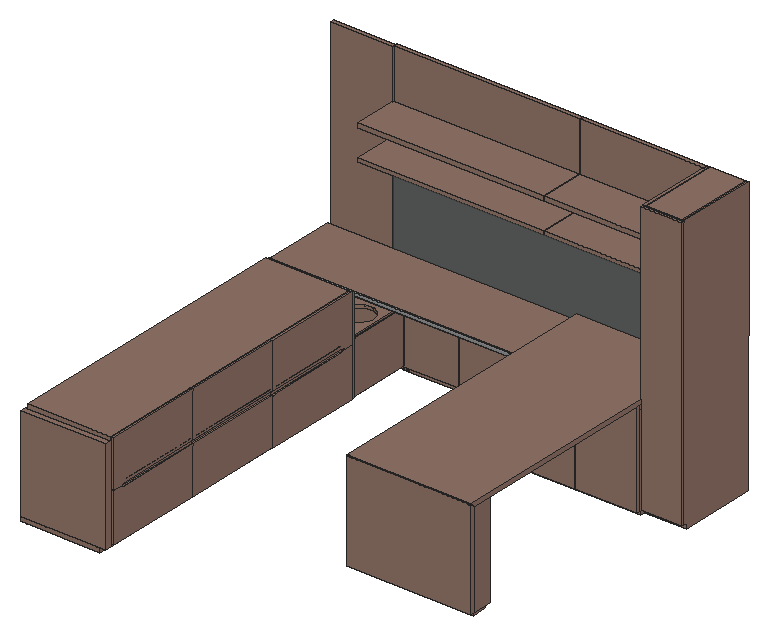
Revit family "T100042", category Furniture, Revit 2022 (continued)
Definition of nested family "OFS SLATE MODULAR ACCESS KNEESPACE SUPPORT CORNER CABINES Left"
  Automatic sketch dimensions
    Extrusion 10 sketch curve to plane 8 = 0.00"
    Extrusion 11 sketch curve to plane 8 = 0.00"
    Extrusion 11 sketch curve to plane 29 = 0.00"
    Extrusion 11 sketch curve to plane 30 = 0.00"
    Extrusion 11 sketch curve to plane 1 "Back" = 0.00"
    Extrusion 12 sketch curve to plane 23 = 0.00"
    Extrusion 12 sketch curve to plane 29 = 0.00"
    Extrusion 12 sketch curve to plane 31 = 0.00"
    Extrusion 12 sketch curve to plane 1 "Back" = 0.00"
    Extrusion 13 sketch curve to plane 17 = 0.00"
    Extrusion 13 sketch curve to plane 23 = 0.00"
    Extrusion 13 sketch curve to plane 30 = 0.00"
    Extrusion 13 sketch curve to plane 31 = 0.00"
    Extrusion 14 sketch curve to plane 5 "." = 0.00"
    Extrusion 14 sketch curve to plane 29 = 0.00"
    Extrusion 14 sketch curve to plane 3 "Left" = 0.00"
    Extrusion 14 sketch curve to plane 7 = 0.00"
    plane 7 to Extrusion 15 sketch curve = 0.00"
    Extrusion 15 sketch curve to plane 30 = 0.00"
    Extrusion 15 sketch curve to plane 3 "Left" = 0.00"
    plane 1 "Back" to Extrusion 15 sketch curve = 0.00"
    Extrusion 16 sketch curve to plane 31 = 0.00"
    Extrusion 16 sketch curve to plane 5 "." = 0.00"
    plane 29 to Extrusion 16 sketch curve = 3.25"
    Extrusion 16 sketch curve to Extrusion 16 sketch curve = 4.00"
    Extrusion 17 sketch curve to plane 31 = 0.00"
    Extrusion 17 sketch curve to plane 5 "." = 0.00"
    Extrusion 17 sketch curve to plane 30 = 8.00"
    Extrusion 17 sketch curve to plane 30 = 4.00"
    Extrusion 18 sketch curve to plane 29 = 0.00"
    plane 5 "." to Extrusion 18 sketch curve = 0.00"
    Extrusion 18 sketch curve to plane 30 = 0.00"
    plane 31 to Extrusion 18 sketch curve = 0.00"
    Extrusion 18 sketch curve to plane 30 = 5.125"
    plane 5 "." to Extrusion 18 sketch curve = 8.75036"
    Extrusion 19 sketch curve to plane 29 = 0.00"
    Extrusion 19 sketch curve to plane 30 = 0.00"
    Extrusion 19 sketch curve to plane 31 = 0.00"
    Extrusion 19 sketch curve to plane 8 = 0.00"
    Extrusion 20 sketch curve to plane 3 "Left" = 0.00"
    Extrusion 20 sketch curve to plane 11 = 0.00"
    Extrusion 20 sketch curve to plane 3 "Left" = 0.1079"
    Extrusion 20 sketch curve to Extrusion 20 sketch curve = 0.10032"
    Extrusion 20 sketch curve to Extrusion 20 sketch curve = 0.17678"
    Extrusion 20 sketch curve to plane 30 = 0.00"
    Extrusion 20 sketch curve to plane 14 = 8.05072"
    Extrusion 20 sketch curve to Extrusion 20 sketch curve = 0.18822"
    Extrusion 20 sketch curve to Extrusion 20 sketch curve = 0.1421"
    Extrusion 21 sketch curve to plane 3 "Left" = 0.00"
    Extrusion 21 sketch curve to plane 6 = 0.00"
    Extrusion 21 sketch curve to plane 11 = 0.00"
    Extrusion 21 sketch curve to plane 3 "Left" = 0.1079"
    Extrusion 21 sketch curve to Extrusion 21 sketch curve = 0.10032"
    Extrusion 21 sketch curve to plane 6 = 0.07322"
    Extrusion 21 sketch curve to Extrusion 21 sketch curve = 0.17678"
    Extrusion 21 sketch curve to plane 30 = 0.00"
    plane 13 to Extrusion 21 sketch curve = 0.31178"
    Extrusion 22 sketch curve to plane 3 "Left" = 0.00"
    Extrusion 22 sketch curve to plane 15 = 0.00"
    Extrusion 22 sketch curve to plane 11 = 0.00"
    Extrusion 22 sketch curve to plane 30 = 0.875"
    Revolve 23 sketch curve to plane 15 = 0.00"  (x2)
    Revolve 23 sketch curve to plane 24 = 0.00"  (x2)
    Revolve 23 sketch curve to level = 0.00"
    Revolve 23 sketch curve to plane 26 = 0.13"
    Revolve 23 sketch curve to plane 26 = 0.08633"
    level to Revolve 23 sketch curve = 0.13"
    plane 15 to Revolve 23 sketch curve = 0.34242"
    Revolve 24 sketch curve to plane 15 = 0.00"  (x2)
    Revolve 24 sketch curve to plane 18 = 0.00"  (x2)
    Revolve 24 sketch curve to level = 0.00"
    Revolve 24 sketch curve to plane 20 = 0.13"
    Revolve 24 sketch curve to plane 20 = 0.08633"
    level to Revolve 24 sketch curve = 0.13"
    plane 15 to Revolve 24 sketch curve = 0.34242"
    Revolve 25 sketch curve to plane 15 = 0.00"  (x2)
    Revolve 25 sketch curve to level = 0.00"
    Revolve 25 sketch curve to plane 30 = 1.70833"
    Revolve 25 sketch curve to Revolve 25 sketch curve = 0.245"
    Revolve 25 sketch curve to Revolve 25 sketch curve = 0.28867"
    level to Revolve 25 sketch curve = 0.13"
    Revolve 25 sketch curve to Revolve 25 sketch curve = 0.00"
    plane 15 to Revolve 25 sketch curve = 0.34242"
    Revolve 26 sketch curve to plane 15 = 0.00"  (x2)
    Revolve 26 sketch curve to level = 0.00"
    Revolve 26 sketch curve to plane 30 = 1.70833"
    Revolve 26 sketch curve to Revolve 26 sketch curve = 0.245"
    Revolve 26 sketch curve to Revolve 26 sketch curve = 0.28867"
    level to Revolve 26 sketch curve = 0.13"
    Revolve 26 sketch curve to Revolve 26 sketch curve = 0.00"
    plane 15 to Revolve 26 sketch curve = 0.34242"
    Revolve 27 sketch curve to plane 15 = 0.00"  (x2)
    Revolve 27 sketch curve to level = 0.00"
    plane 29 to Revolve 27 sketch curve = 0.72917"
    Revolve 27 sketch curve to Revolve 27 sketch curve = 0.245"
    Revolve 27 sketch curve to Revolve 27 sketch curve = 0.28867"
    level to Revolve 27 sketch curve = 0.13"
    Revolve 27 sketch curve to Revolve 27 sketch curve = 0.00"
    plane 15 to Revolve 27 sketch curve = 0.34242"
    Revolve 28 sketch curve to plane 15 = 0.00"  (x2)
    Revolve 28 sketch curve to level = 0.00"
    plane 29 to Revolve 28 sketch curve = 0.72917"
    Revolve 28 sketch curve to Revolve 28 sketch curve = 0.245"
    Revolve 28 sketch curve to Revolve 28 sketch curve = 0.28867"
    level to Revolve 28 sketch curve = 0.13"
    Revolve 28 sketch curve to Revolve 28 sketch curve = 0.00"
    plane 15 to Revolve 28 sketch curve = 0.34242"
    radius of Extrusion 7 sketch curve = 1.00"
    radius of Extrusion 18 sketch curve = 4.125"
Definition of nested family "OFS SLATE WALLMOUNT OPEN SHELF ORGANIZER 1.5H"
  Parameters (values of type "WALLMOUNT OPEN SHELF ORGANIZER 1.5H 30"")
    Width = 30.00"
    URL = "http://www.ofs.com/"
    Shelf Height = 9.00"
    Model = "CA-3025HWO"
    Manufacturer = "CAROLINA"
    Height From Floor = 65.25"
    Organizer Height = 15.50"
    Height = 24.50"
    Glides [instance] = none
    Front Panel Finish [instance] = none
    Description = "OFS SLATE OFS SLATE WALLMOUNT OPEN SHELF ORGANIZER 1.5 Height, 30\" Width, Two Cantilevered Fixed Shelves"
    Depth = 14.25"
    Default Elevation = 0.00"
    Copyright © = "©OFS 2019"
    Catalog = "https://ofs.com/products/tables/conference/slate"
    Chasis [instance] = none
    Bottom Board Thickness = 1.25"
    Board Thickness = 1.1875"
    Back Board Thickness = 1.1875"
    Authoring Version = "Autodesk Revit Architecture 2014"
    Assembly Code = "E2020200"
  Types (9): name | Width | Model | Description
    (no name) | 30.00" | "CA-3025HWO" | "OFS SLATE OFS SLATE WALLMOUNT OPEN SHELF ORGANIZER 1.5 Height, 30\" Width, Two Cantilevered Fixed Shelves"
    WALLMOUNT OPEN SHELF ORGANIZER 1.5H 30" | 30.00" | "CA-3025HWO" | "OFS SLATE OFS SLATE WALLMOUNT OPEN SHELF ORGANIZER 1.5 Height, 30\" Width, Two Cantilevered Fixed Shelves"
    WALLMOUNT OPEN SHELF ORGANIZER 1.5H 36" | 36.00" | "CA-3625HWO" | "OFS SLATE OFS SLATE WALLMOUNT OPEN SHELF ORGANIZER 1.5 Height, 36\" Width, Two Cantilevered Fixed Shelves"
    WALLMOUNT OPEN SHELF ORGANIZER 1.5H 42" | 42.00" | "CA-4225HWO" | "OFS SLATE OFS SLATE WALLMOUNT OPEN SHELF ORGANIZER 1.5 Height, 42\" Width, Two Cantilevered Fixed Shelves"
    WALLMOUNT OPEN SHELF ORGANIZER 1.5H 48" | 48.00" | "CA-4825HWO" | "OFS SLATE OFS SLATE WALLMOUNT OPEN SHELF ORGANIZER 1.5 Height, 48\" Width, Two Cantilevered Fixed Shelves"
    WALLMOUNT OPEN SHELF ORGANIZER 1.5H 54" | 54.00" | "CA-5425HWO" | "OFS SLATE OFS SLATE WALLMOUNT OPEN SHELF ORGANIZER 1.5 Height, 54\" Width, Two Cantilevered Fixed Shelves"
    WALLMOUNT OPEN SHELF ORGANIZER 1.5H 60" | 60.00" | "CA-6025HWO" | "OFS SLATE OFS SLATE WALLMOUNT OPEN SHELF ORGANIZER 1.5 Height, 60\" Width, Two Cantilevered Fixed Shelves"
    WALLMOUNT OPEN SHELF ORGANIZER 1.5H 66" | 66.00" | "CA-6625HWO" | "OFS SLATE OFS SLATE WALLMOUNT OPEN SHELF ORGANIZER 1.5 Height, 66\" Width, Two Cantilevered Fixed Shelves"
    WALLMOUNT OPEN SHELF ORGANIZER 1.5H 72" | 72.00" | "CA-7225HWO" | "OFS SLATE OFS SLATE WALLMOUNT OPEN SHELF ORGANIZER 1.5 Height, 72\" Width, Two Cantilevered Fixed Shelves"
  Reference planes (in)
    plane 1 "Center Front/Back": y = 4.875
    plane 2 "Bottom": z = 0
    plane 3 "Center Left/Right": x = 0
    plane 4 "Back": y = 12
    plane 5 "Front": y = -2.25
    plane 6 "Left": x = -15
    plane 7 "Right": x = 15
    plane 8: z = 80.75
    plane 9: z = 65.25
    plane 10: z = 66.5
    plane 11: y = 10.8125
    plane 12: z = 56.25
    plane 13: z = 57.4375
  Forms (in)
    Extrusion 1, solid, material <- "Chasis"
      sketch origin (0, 0, 0) x (1, 0, 0) y (0, 1, 0)
        loop
          line (-15, 12) -> (-15, 10.8125) -> (15, 10.8125) -> (15, 12) -> (-15, 12)
      from 56.25 to 80.75
    Extrusion 2, solid, material <- "Chasis"
      sketch origin (42.76444, 4.49472, 0) x (1, 0, 0) y (0, 1, 0)
        loop
          line (-57.76444, 6.31778) -> (-57.76444, -6.74472) -> (-27.76444, -6.74472) -> (-27.76444, 6.31778) -> (-57.76444, 6.31778)
      from 56.25 to 57.4375
    Extrusion 3, solid, material <- "Chasis"
      sketch origin (49.94895, 4.49472, 15.40723) x (1, 0, 0) y (0, 1, 0)
        loop
          line (-64.94895, 6.31778) -> (-64.94895, -6.74472) -> (-34.94895, -6.74472) -> (-34.94895, 6.31778) -> (-64.94895, 6.31778)
      from 49.84277 to 51.09277
  Dimensions and locks (in)
    equal spacing: plane 5 "Front", plane 1 "Center Front/Back", plane 4 "Back"
    "Depth": plane 4 "Back" to plane 5 "Front"
    equal spacing: plane 6 "Left", plane 3 "Center Left/Right", plane 7 "Right"
    "Width": plane 6 "Left" to plane 7 "Right"
    "Back Board Thickness": plane 11 to plane 4 "Back"
    "Bottom Board Thickness": plane 10 to plane 9
    "Height From Floor": plane 9 to plane 2 "Bottom"
    "Organizer Height": plane 8 to plane 9
    "Shelf Height": plane 9 to plane 12
    "Board Thickness": plane 13 to plane 12
    aligned and locked: level to plane 2 "Bottom"
    aligned and locked: plane 4 "Back" to Extrusion 1 sketch curve
    aligned and locked: Extrusion 1 sketch curve to plane 11
    aligned and locked: plane 12 to Extrusion 1
    aligned and locked: Extrusion 1 to plane 7 "Right"
    aligned and locked: Extrusion 1 to plane 6 "Left"
    aligned and locked: plane 12 to Extrusion 2
    aligned and locked: Extrusion 2 to plane 13
    aligned and locked: Extrusion 2 to plane 6 "Left"
    aligned and locked: Extrusion 2 to plane 7 "Right"
    aligned and locked: Extrusion 2 to plane 11
    aligned and locked: plane 8 to Extrusion 1
    aligned and locked: Extrusion 2 to plane 5 "Front"
    aligned and locked: Extrusion 3 to plane 9
    aligned and locked: plane 10 to Extrusion 3
    aligned and locked: Extrusion 3 to plane 6 "Left"
    aligned and locked: Extrusion 3 to plane 7 "Right"
    aligned and locked: Extrusion 3 to plane 11
    aligned and locked: Extrusion 3 to plane 5 "Front"
  Automatic sketch dimensions
    Extrusion 1 sketch curve to plane 6 "Left" = 0.00"
    Extrusion 1 sketch curve to plane 7 "Right" = 0.00"
    Extrusion 2 sketch curve to plane 5 "Front" = 0.00"
    Extrusion 2 sketch curve to plane 6 "Left" = 0.00"
    Extrusion 2 sketch curve to plane 7 "Right" = 0.00"
    plane 11 to Extrusion 2 sketch curve = 0.00"
    Extrusion 3 sketch curve to plane 5 "Front" = 0.00"
    Extrusion 3 sketch curve to plane 11 = 0.00"
    plane 6 "Left" to Extrusion 3 sketch curve = 0.00"
    Extrusion 3 sketch curve to plane 7 "Right" = 0.00"
Definition of nested family "OFS SLATE WALLMOUNT PANEL VENEER 1.5H"
  Parameters (values of type "WALLMOUNT PANEL VENEER 1.5H 36"")
    Width = 36.00"
    URL = "http://www.ofs.com/"
    Model = "CA-3621WP"
    Manufacturer = "CAROLINA"
    Height From Floor = 28.0625"
    Height = 22.1875"
    Glides [instance] = none
    Front Panel Finish [instance] = none
    Description = "OFS SLATE WALLMOUNT PANEL, 1.5 Height, Veneer Finish, 36\" Width, Use between Workwall Credenzas and Wallmount Organizers"
    Depth = 1.1875"
    Default Elevation = 0.00"
    Copyright © = "©OFS 2019"
    Catalog = "https://ofs.com/products/tables/conference/slate"
    Chasis [instance] = none
    Bottom Board Thickness = 1.25"
    Board Thickness = 1.1875"
    Back Board Thickness = 1.1875"
    Authoring Version = "Autodesk Revit Architecture 2014"
    Assembly Code = "E2020200"
  Types (15): name | Width | Model | Description
    (no name) | 36.00" | "CA-3621WP" | "OFS SLATE WALLMOUNT PANEL, 1.5 Height, Veneer Finish, 36\" Width, Use between Workwall Credenzas and Wallmount Organizers"
    WALLMOUNT PANEL VENEER 1.5H 30" | 30.00" | "CA-3021WP" | "OFS SLATE WALLMOUNT PANEL, 1.5 Height, Veneer Finish, 30\" Width, Use between Workwall Credenzas and Wallmount Organizers"
    WALLMOUNT PANEL VENEER 1.5H 36" | 36.00" | "CA-3621WP" | "OFS SLATE WALLMOUNT PANEL, 1.5 Height, Veneer Finish, 36\" Width, Use between Workwall Credenzas and Wallmount Organizers"
    WALLMOUNT PANEL VENEER 1.5H 42" | 42.00" | "CA-4221WP" | "OFS SLATE WALLMOUNT PANEL, 1.5 Height, Veneer Finish, 42\" Width, Use between Workwall Credenzas and Wallmount Organizers"
    WALLMOUNT PANEL VENEER 1.5H 48" | 48.00" | "CA-4821WP" | "OFS SLATE WALLMOUNT PANEL, 1.5 Height, Veneer Finish, 48\" Width, Use between Workwall Credenzas and Wallmount Organizers"
    WALLMOUNT PANEL VENEER 1.5H 54" | 54.00" | "CA-5421WP" | "OFS SLATE WALLMOUNT PANEL, 1.5 Height, Veneer Finish, 54\" Width, Use between Workwall Credenzas and Wallmount Organizers"
    WALLMOUNT PANEL VENEER 1.5H 60" | 60.00" | "CA-6021WP" | "OFS SLATE WALLMOUNT PANEL, 1.5 Height, Veneer Finish, 60\" Width, Use between Workwall Credenzas and Wallmount Organizers"
    WALLMOUNT PANEL VENEER 1.5H 66" | 66.00" | "CA-6621WP" | "OFS SLATE WALLMOUNT PANEL, 1.5 Height, Veneer Finish, 66\" Width, Use between Workwall Credenzas and Wallmount Organizers"
    WALLMOUNT PANEL VENEER 1.5H 72" | 72.00" | "CA-7221WP" | "OFS SLATE WALLMOUNT PANEL, 1.5 Height, Veneer Finish, 72\" Width, Use between Workwall Credenzas and Wallmount Organizers"
    WALLMOUNT PANEL VENEER 1.5H 78" | 78.00" | "CA-7821WP" | "OFS SLATE WALLMOUNT PANEL, 1.5 Height, Veneer Finish, 78\" Width, Use between Workwall Credenzas and Wallmount Organizers"
    WALLMOUNT PANEL VENEER 1.5H 84" | 84.00" | "CA-8421WP" | "OFS SLATE WALLMOUNT PANEL, 1.5 Height, Veneer Finish, 84\" Width, Use between Workwall Credenzas and Wallmount Organizers"
    WALLMOUNT PANEL VENEER 1.5H 90" | 90.00" | "CA-9021WP" | "OFS SLATE WALLMOUNT PANEL, 1.5 Height, Veneer Finish, 90\" Width, Use between Workwall Credenzas and Wallmount Organizers"
    WALLMOUNT PANEL VENEER 1.5H 96" | 96.00" | "CA-9621WP" | "OFS SLATE WALLMOUNT PANEL, 1.5 Height, Veneer Finish, 96\" Width, Use between Workwall Credenzas and Wallmount Organizers"
    WALLMOUNT PANEL VENEER 1.5H 102" | 102.00" | "CA-10221WP" | "OFS SLATE WALLMOUNT PANEL, 1.5 Height, Veneer Finish, 102\" Width, Use between Workwall Credenzas and Wallmount Organizers"
    WALLMOUNT PANEL VENEER 1.5H 108" | 108.00" | "CA-10821WP" | "OFS SLATE WALLMOUNT PANEL, 1.5 Height, Veneer Finish, 108\" Width, Use between Workwall Credenzas and Wallmount Organizers"
  Reference planes (in)
    plane 1 "Center Front/Back": y = 11.40625
    plane 2 "Bottom": z = 0
    plane 3 "Center Left/Right": x = 0
    plane 4 "Back": y = 12
    plane 5 "Front": y = 10.8125
    plane 6 "Left": x = -18
    plane 7 "Right": x = 18
    plane 8: z = 50.25
    plane 9: z = 28.0625
    plane 10: y = 10.8125
  Forms (in)
    Extrusion 1, solid, material <- "Chasis"
      sketch origin (0, 0, 0) x (1, 0, 0) y (0, 1, 0)
        loop
          line (-18, 12) -> (-18, 10.8125) -> (18, 10.8125) -> (18, 12) -> (-18, 12)
      from 28.0625 to 50.25
  Dimensions and locks (in)
    equal spacing: plane 5 "Front", plane 1 "Center Front/Back", plane 4 "Back"
    "Depth": plane 4 "Back" to plane 5 "Front"
    equal spacing: plane 6 "Left", plane 3 "Center Left/Right", plane 7 "Right"
    "Width": plane 6 "Left" to plane 7 "Right"
    "Back Board Thickness": plane 10 to plane 4 "Back"
    "Height From Floor": plane 9 to plane 2 "Bottom"
    "Height": plane 8 to plane 9
    aligned and locked: level to plane 2 "Bottom"
    aligned and locked: plane 4 "Back" to Extrusion 1 sketch curve
    aligned and locked: Extrusion 1 sketch curve to plane 10
    aligned and locked: Extrusion 1 to plane 7 "Right"
    aligned and locked: Extrusion 1 to plane 6 "Left"
    aligned and locked: plane 8 to Extrusion 1
    aligned and locked: Extrusion 1 to plane 9
  Automatic sketch dimensions
    Extrusion 1 sketch curve to plane 6 "Left" = 0.00"
    Extrusion 1 sketch curve to plane 7 "Right" = 0.00"
